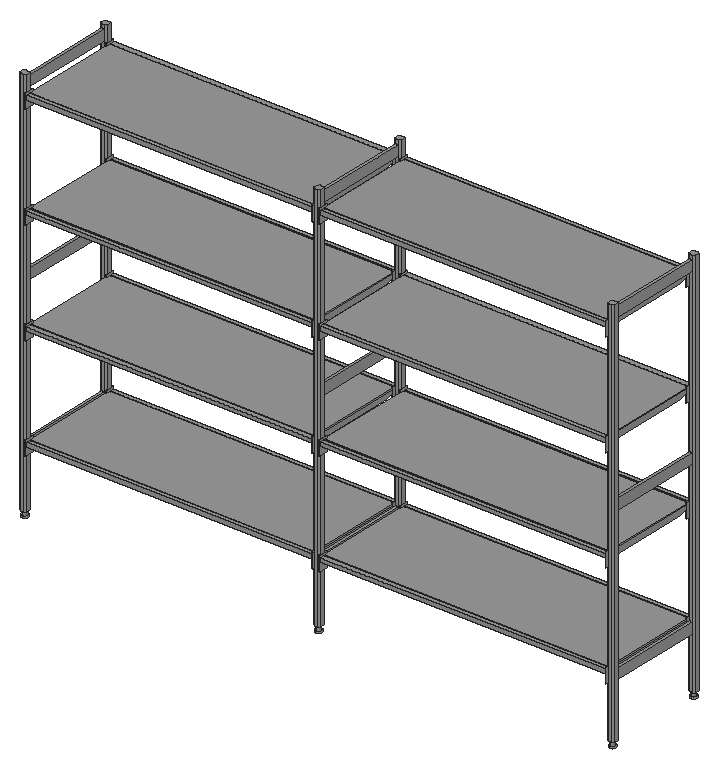
Revit family "QF_ZANUSSI_137047_BLS2580", category Attrezzature speciali, Revit 2020
Family settings
  Quota connettore circolare = Usa diametro
  Tipo di parte = Normale
  Basato su piano di lavoro = No
  Sempre verticale = Sì
  Taglio con vuoti quando caricato = No
  Condiviso = No
  Punto di calcolo locali = No
Parameters (values of type "Standard")
  Weight = 46.00 kg
  Watts = 0 W
  Volts = 0 V
  URL Manufacturer = "http://www.zanussiprofessional.com"
  URL = "http://www.zanussiprofessional.com"
  Steam Supply Size = 0 mm
  Steam Supply Minimum Pressure = 0.0 Pa
  Steam Supply Maximum Pressure = 0.0 Pa
  Steam Consumption per Hour = 0
  Refrigeration Suction Line Size = 0.0 mm
  Refrigeration Liquid Line Size = 0.0 mm
  Refrigerant Compressor Remote = yes
  Prospetto di default = 0.0 mm
  Phase = 0
  Modello = "BLS2580"
  Produttore = "Zanussi"
  Length Actual = 2580.0 mm  # constant formula
  Item Number = "137047"
  Hot Water Size = 0 mm
  Height Actual = 1700.0 mm  # constant formula
  HP = "0 HP"
  Gas Size = 0 mm
  Gas KW = 0
  Gas Input Pressure = 0 W
  Direct Waste Size = 0 mm
  Descrizione = "ALUM.LINEAR SHELV.-POLY.TIERS-475X2580MM"
  Depth Actual = 475.0 mm  # constant formula
  Cycle = 0 Hz
  Condensate Return Size = 0 mm
  Compressed Air Volume = 0.0 L/s
  Compressed Air Size = 0 mm
  Compressed Air Pressure = 0.0 Pa
  Cold Water Size = 0 mm
  Accessory = yes
Reference planes
  plane 1: z = 0
  plane 2 "CenterLeft": x = -31
  plane 3 "LEFT": x = -417
  plane 4 "BACK": y = 23
  plane 5 "FRONT": y = -452
  plane 6 "TOP": z = 1700
  plane 7: x = -385
  plane 8: x = 855
  plane 9 "Center (Front/Back)": y = -214.5
  plane 10: y = -8.5
  plane 11: y = -420.5
  plane 12 "FEET": z = 25
  plane 13: z = 275
  plane 14: z = 725
  plane 15: z = 1175
  plane 16: z = 1625
  plane 17 "CXLeft": x = -403
  plane 18 "Center (Left/Right)": x = 873
  plane 19: y = 5.5
  plane 20 "CYBack": y = 5.5
  plane 21 "CYFront": y = -434.5
  plane 22 "RIGHT": x = 2163
  plane 23: x = 2131
  plane 24 "CXRight": x = 2149
  plane 25: x = 891
Forms (mm)
  Extrusion 1, solid, material "QF_Aluminum"
    sketch origin (-417, 0, -4.006) x (0, 1, 0) y (0, 0, 1)
      loop
        line (-12, 1637.003) -> (4, 1637.003) -> (4, 1655) -> (2.007, 1655) -> (2.007, 1648.501) -> (-431, 1648.501) -> (-431, 1655) -> (-433, 1655) -> (-433, 1637.003) -> (-417, 1637.003) -> (-383, 1625) -> (-46, 1625) -> (-12, 1637.003)
      loop
        line (-12, 1187.003) -> (4, 1187.003) -> (4, 1205) -> (2.007, 1205) -> (2.007, 1198.501) -> (-431, 1198.501) -> (-431, 1205) -> (-433, 1205) -> (-433, 1187.003) -> (-417, 1187.003) -> (-383, 1175) -> (-46, 1175) -> (-12, 1187.003)
      loop
        line (-12, 737.003) -> (4, 737.003) -> (4, 755) -> (2.007, 755) -> (2.007, 748.501) -> (-431, 748.501) -> (-431, 755) -> (-433, 755) -> (-433, 737.003) -> (-417, 737.003) -> (-383, 725) -> (-46, 725) -> (-12, 737.003)
      loop
        line (-12, 287.003) -> (4, 287.003) -> (4, 305) -> (2.007, 305) -> (2.007, 298.501) -> (-431, 298.501) -> (-431, 305) -> (-433, 305) -> (-433, 287.003) -> (-417, 287.003) -> (-383, 275) -> (-46, 275) -> (-12, 287.003)
    from 37 to 32
  Extrusion 2, solid, material "QF_Aluminum"
    sketch origin (-417, 0, 0) x (0, 1, 0) y (0, 0, 1)
      loop
        line (23, 246.005) -> (23, 307.993) -> (-12.993, 307.993) -> (-12.993, 246.005) -> (23, 246.005)
      loop
        line (-452, 246.005) -> (-416.007, 246.005) -> (-416.007, 307.993) -> (-452, 307.993) -> (-452, 246.005)
      loop
        line (23, 696.005) -> (23, 757.993) -> (-12.993, 757.993) -> (-12.993, 696.005) -> (23, 696.005)
      loop
        line (-452, 696.005) -> (-416.007, 696.005) -> (-416.007, 757.993) -> (-452, 757.993) -> (-452, 696.005)
      loop
        line (23, 1146.005) -> (23, 1207.993) -> (-12.993, 1207.993) -> (-12.993, 1146.005) -> (23, 1146.005)
      loop
        line (-452, 1146.005) -> (-416.007, 1146.005) -> (-416.007, 1207.993) -> (-452, 1207.993) -> (-452, 1146.005)
      loop
        line (23, 1596.005) -> (23, 1657.993) -> (-12.993, 1657.993) -> (-12.993, 1596.005) -> (23, 1596.005)
      loop
        line (-452, 1596.005) -> (-416.007, 1596.005) -> (-416.007, 1657.993) -> (-452, 1657.993) -> (-452, 1596.005)
    from 28 to 32
  Extrusion 3, solid, material "QF_Aluminum"
    sketch origin (-417, 0, 0) x (0, 1, 0) y (0, 0, 1)
      loop
        line (4, 1650.994) -> (4, 1632.998) -> (23, 1632.998) -> (23, 1650.994) -> (4, 1650.994)
      loop
        line (-433, 1650.994) -> (-452, 1650.994) -> (-452, 1632.998) -> (-433, 1632.998) -> (-433, 1650.994)
      loop
        line (4, 1200.994) -> (4, 1182.998) -> (23, 1182.998) -> (23, 1200.994) -> (4, 1200.994)
      loop
        line (-433, 1200.994) -> (-452, 1200.994) -> (-452, 1182.998) -> (-433, 1182.998) -> (-433, 1200.994)
      loop
        line (4, 750.994) -> (4, 732.998) -> (23, 732.998) -> (23, 750.994) -> (4, 750.994)
      loop
        line (-433, 750.994) -> (-452, 750.994) -> (-452, 732.998) -> (-433, 732.998) -> (-433, 750.994)
      loop
        line (4, 300.994) -> (4, 282.998) -> (23, 282.998) -> (23, 300.994) -> (4, 300.994)
      loop
        line (-433, 300.994) -> (-452, 300.994) -> (-452, 282.998) -> (-433, 282.998) -> (-433, 300.994)
    from 32 to 1272
  Extrusion 4, solid, material "QF_Polyethylene"
    sketch origin (-417, 0, 0) x (0, 1, 0) y (0, 0, 1)
      loop
        line (2.007, 1650.994) -> (-431, 1650.994) -> (-431, 1644.496) -> (2.007, 1644.496) -> (2.007, 1650.994)
      loop
        line (2.007, 1200.994) -> (-431, 1200.994) -> (-431, 1194.496) -> (2.007, 1194.496) -> (2.007, 1200.994)
      loop
        line (2.007, 750.994) -> (-431, 750.994) -> (-431, 744.496) -> (2.007, 744.496) -> (2.007, 750.994)
      loop
        line (2.007, 300.994) -> (-431, 300.994) -> (-431, 294.496) -> (2.007, 294.496) -> (2.007, 300.994)
    from 32 to 1272
  Extrusion 5, solid, material "QF_Aluminum"
    sketch origin (2163, 0, 0) x (0, 1, 0) y (0, 0, 1)
      loop
        line (4, 1650.994) -> (4, 1632.998) -> (23, 1632.998) -> (23, 1650.994) -> (4, 1650.994)
      loop
        line (-433, 1650.994) -> (-452, 1650.994) -> (-452, 1632.998) -> (-433, 1632.998) -> (-433, 1650.994)
      loop
        line (4, 1200.994) -> (4, 1182.998) -> (23, 1182.998) -> (23, 1200.994) -> (4, 1200.994)
      loop
        line (-433, 1200.994) -> (-452, 1200.994) -> (-452, 1182.998) -> (-433, 1182.998) -> (-433, 1200.994)
      loop
        line (4, 750.994) -> (4, 732.998) -> (23, 732.998) -> (23, 750.994) -> (4, 750.994)
      loop
        line (-433, 750.994) -> (-452, 750.994) -> (-452, 732.998) -> (-433, 732.998) -> (-433, 750.994)
      loop
        line (4, 300.994) -> (4, 282.998) -> (23, 282.998) -> (23, 300.994) -> (4, 300.994)
      loop
        line (-433, 300.994) -> (-452, 300.994) -> (-452, 282.998) -> (-433, 282.998) -> (-433, 300.994)
    from -32 to -1272
  Extrusion 6, solid, material "QF_Polyethylene"
    sketch origin (2163, 0, 0) x (0, 1, 0) y (0, 0, 1)
      loop
        line (2.007, 1650.994) -> (-431, 1650.994) -> (-431, 1644.496) -> (2.007, 1644.496) -> (2.007, 1650.994)
      loop
        line (2.007, 1200.994) -> (-431, 1200.994) -> (-431, 1194.496) -> (2.007, 1194.496) -> (2.007, 1200.994)
      loop
        line (2.007, 750.994) -> (-431, 750.994) -> (-431, 744.496) -> (2.007, 744.496) -> (2.007, 750.994)
      loop
        line (2.007, 300.994) -> (-431, 300.994) -> (-431, 294.496) -> (2.007, 294.496) -> (2.007, 300.994)
    from -32 to -1272
Lines and regions (mm)
  symbolic lines
    curve 1: line (855, 4, 1700) -> (-385, 4, 1700)
    curve 2: line (-408, -8.5, 1700) -> (-408, -420.5, 1700)
    curve 3: line (-398, -420.5, 1700) -> (-398, -8.5, 1700)
    curve 4: line (-389, 23, 1700) -> (859, 23, 1700)
    curve 5: line (-385, -452, 1700) -> (855, -452, 1700)
    curve 6: line (887, 23, 1700) -> (2135, 23, 1700)
    curve 7: line (887, -452, 1700) -> (2135, -452, 1700)
    curve 8: line (-385, -433, 1700) -> (855, -433, 1700)
    curve 9: line (891, -433, 1700) -> (2131, -433, 1700)
    curve 10: line (891, 4, 1700) -> (2131, 4, 1700)
    curve 11: line (2131, -12.993, 1700) -> (2131, -416.007, 1700)
    curve 12: line (855, -12.993, 1700) -> (855, -416.007, 1700)
    curve 13: line (891, -416.007, 1700) -> (891, -12.993, 1700)
    curve 14: line (-385, -12.993, 1700) -> (-385, -416.007, 1700)
Dimensions and locks
  plane 3 "LEFT" to plane 2 "CenterLeft" = 386.0 mm
  locked: plane 6 "TOP" to level at 1700
  locked: plane 4 "BACK" to plane 5 "FRONT" at 475
  locked: plane 7 to plane 8 at 1240
  locked: plane 10 to plane 11 at 412
  equal spacing: plane 10, plane 9 "Center (Front/Back)", plane 11
  equal spacing: plane 4 "BACK", plane 9 "Center (Front/Back)", plane 5 "FRONT"
  plane 12 "FEET" to level = 25.0 mm
  plane 6 "TOP" to plane 12 "FEET" = 1675.0 mm
  plane 13 to plane 12 "FEET" = 250.0 mm
  plane 14 to plane 13 = 450.0 mm
  plane 15 to plane 14 = 450.0 mm
  plane 16 to plane 15 = 450.0 mm
  locked: plane 4 "BACK" to plane 20 "CYBack" at 17.5
  locked: plane 21 "CYFront" to plane 5 "FRONT" at 17.5
  locked: plane 4 "BACK" to Extrusion 1 at 19
  locked: Extrusion 1 to plane 5 "FRONT" at 19
  Extrusion 1 sketch curve to plane 21 "CYFront" = 3.5 mm
  plane 3 "LEFT" to plane 22 "RIGHT" = 2580.0 mm
  locked: plane 25 to plane 23 at 1240
  locked: plane 8 to plane 18 "Center (Left/Right)" at 18
  locked: plane 18 "Center (Left/Right)" to plane 25 at 18
  locked: plane 3 "LEFT" to plane 7 at 32
  locked: plane 24 "CXRight" to plane 22 "RIGHT" at 14
  aligned and locked: level to plane 1
  aligned and locked: plane 7 to Extrusion 1
  aligned and locked: Extrusion 2 to plane 7
  aligned and locked: plane 7 to Extrusion 4
  aligned and locked: Extrusion 4 to plane 8
  aligned and locked: plane 7 to Extrusion 3
  aligned and locked: Extrusion 3 to plane 8
  aligned and locked: Extrusion 3 sketch curve to Extrusion 1
  aligned and locked: Extrusion 1 to Extrusion 3 sketch curve
  aligned and locked: Extrusion 3 sketch curve to Extrusion 3 sketch curve  (x2)
  aligned and locked: Extrusion 1 sketch curve to Extrusion 1 sketch curve  (x3)
  aligned and locked: Extrusion 4 sketch curve to Extrusion 1  (x4)
  aligned and locked: Extrusion 5 sketch curve to Extrusion 5 sketch curve  (x2)
  aligned and locked: Extrusion 5 to plane 25
  aligned and locked: Extrusion 6 to plane 25
  aligned and locked: nested 3 to plane 18 "Center (Left/Right)"
  aligned and locked: nested 1 to plane 17 "CXLeft"
  aligned and locked: Extrusion 3 to plane 7  (x3)
  aligned and locked: plane 8 to Extrusion 3  (x4)
  aligned and locked: plane 25 to Extrusion 5  (x4)
  aligned and locked: plane 25 to Extrusion 6  (x4)
  aligned and locked: plane 8 to Extrusion 4  (x4)
  aligned and locked: nested 2 to plane 24 "CXRight"
  aligned and locked: Extrusion 5 to plane 23
  aligned and locked: Extrusion 6 to plane 23
  aligned and locked: plane 23 to Extrusion 5  (x3)
  aligned and locked: plane 23 to Extrusion 6  (x3)
Automatic sketch dimensions
  plane 21 "CYFront" to Extrusion 1 sketch curve = 1.5 mm  (x4)
  plane 11 to Extrusion 1 sketch curve = 3.5 mm  (x4)
  Extrusion 1 sketch curve to plane 13 = 4.006 mm
  Extrusion 1 sketch curve to Extrusion 1 sketch curve = 34.0 mm  (x4)
  Extrusion 1 sketch curve to plane 14 = 4.006 mm
  Extrusion 1 sketch curve to plane 15 = 4.006 mm
  Extrusion 1 sketch curve to plane 16 = 4.006 mm
  Extrusion 1 sketch curve to plane 10 = 37.5 mm  (x4)
  Extrusion 1 sketch curve to plane 10 = 3.5 mm  (x4)
  plane 19 to Extrusion 1 sketch curve = 3.493 mm  (x4)
  plane 19 to Extrusion 1 sketch curve = 1.5 mm  (x4)
  plane 13 to Extrusion 1 sketch curve = 7.998 mm  (x2)
  Extrusion 1 sketch curve to Extrusion 1 sketch curve = 11.498 mm  (x4)
  Extrusion 1 sketch curve to Extrusion 1 sketch curve = 6.499 mm  (x8)
  plane 14 to Extrusion 1 sketch curve = 7.998 mm  (x2)
  plane 15 to Extrusion 1 sketch curve = 7.998 mm  (x2)
  plane 16 to Extrusion 1 sketch curve = 7.998 mm  (x2)
  Extrusion 2 sketch curve to plane 5 "FRONT" = 0.0 mm  (x4)
  Extrusion 2 sketch curve to plane 4 "BACK" = 0.0 mm  (x4)
  plane 11 to Extrusion 2 sketch curve = 4.493 mm  (x4)
  Extrusion 2 sketch curve to plane 10 = 4.493 mm  (x4)
  Extrusion 2 sketch curve to plane 13 = 28.995 mm  (x2)
  plane 13 to Extrusion 2 sketch curve = 32.993 mm  (x2)
  Extrusion 2 sketch curve to plane 14 = 28.995 mm  (x2)
  plane 14 to Extrusion 2 sketch curve = 32.993 mm  (x2)
  Extrusion 2 sketch curve to plane 15 = 28.995 mm  (x2)
  plane 15 to Extrusion 2 sketch curve = 32.993 mm  (x2)
  Extrusion 2 sketch curve to plane 16 = 28.995 mm  (x2)
  plane 16 to Extrusion 2 sketch curve = 32.993 mm  (x2)
  Extrusion 3 sketch curve to plane 5 "FRONT" = 0.0 mm  (x4)
  Extrusion 3 sketch curve to plane 4 "BACK" = 0.0 mm  (x4)
  plane 19 to Extrusion 3 sketch curve = 1.5 mm  (x4)
  plane 13 to Extrusion 3 sketch curve = 7.998 mm  (x2)
  Extrusion 3 sketch curve to Extrusion 3 sketch curve = 17.997 mm  (x8)
  plane 14 to Extrusion 3 sketch curve = 7.998 mm  (x2)
  plane 15 to Extrusion 3 sketch curve = 7.998 mm  (x2)
  plane 16 to Extrusion 3 sketch curve = 7.998 mm  (x2)
  plane 19 to Extrusion 4 sketch curve = 3.493 mm  (x4)
  plane 13 to Extrusion 4 sketch curve = 19.496 mm
  Extrusion 4 sketch curve to Extrusion 4 sketch curve = 6.499 mm  (x4)
  plane 14 to Extrusion 4 sketch curve = 19.496 mm
  plane 15 to Extrusion 4 sketch curve = 19.496 mm
  plane 16 to Extrusion 4 sketch curve = 19.496 mm
  Extrusion 5 sketch curve to plane 5 "FRONT" = 0.0 mm  (x4)
  Extrusion 5 sketch curve to plane 4 "BACK" = 0.0 mm  (x4)
  plane 21 "CYFront" to Extrusion 5 sketch curve = 1.5 mm  (x2)
  plane 19 to Extrusion 5 sketch curve = 1.5 mm  (x4)
  plane 13 to Extrusion 5 sketch curve = 7.998 mm  (x2)
  Extrusion 5 sketch curve to Extrusion 5 sketch curve = 17.997 mm  (x8)
  plane 14 to Extrusion 5 sketch curve = 7.998 mm  (x2)
  plane 15 to Extrusion 5 sketch curve = 7.998 mm  (x2)
  plane 16 to Extrusion 5 sketch curve = 7.998 mm  (x2)
  plane 21 "CYFront" to Extrusion 6 sketch curve = 3.5 mm  (x4)
  plane 19 to Extrusion 6 sketch curve = 3.493 mm  (x4)
  plane 13 to Extrusion 6 sketch curve = 19.496 mm
  Extrusion 6 sketch curve to Extrusion 6 sketch curve = 6.499 mm  (x4)
  plane 14 to Extrusion 6 sketch curve = 19.496 mm
  plane 15 to Extrusion 6 sketch curve = 19.496 mm
  plane 16 to Extrusion 6 sketch curve = 19.496 mm
  curve 7 to plane 5 "FRONT" = 0.0 mm
  curve 5 to plane 5 "FRONT" = 0.0 mm
  curve 8 to plane 8 = 0.0 mm
  curve 9 to plane 25 = 0.0 mm
  curve 9 to plane 23 = 0.0 mm
  curve 8 to plane 7 = 0.0 mm
  curve 2 to plane 11 = 0.0 mm
  curve 3 to plane 11 = 0.0 mm
  curve 14 to plane 7 = 0.0 mm
  curve 13 to plane 25 = 0.0 mm
  curve 12 to plane 8 = 0.0 mm
  curve 11 to plane 23 = 0.0 mm
  curve 3 to plane 10 = 0.0 mm
  curve 2 to plane 10 = 0.0 mm
  curve 1 to plane 8 = 0.0 mm
  curve 1 to plane 7 = 0.0 mm
  curve 10 to plane 23 = 0.0 mm
  curve 10 to plane 25 = 0.0 mm
  curve 4 to plane 4 "BACK" = 0.0 mm
  curve 6 to plane 4 "BACK" = 0.0 mm
  curve 5 to plane 8 = 0.0 mm
  curve 5 to plane 7 = 0.0 mm
  plane 21 "CYFront" to curve 8 = 1.5 mm
  plane 21 "CYFront" to curve 9 = 1.5 mm
  plane 11 to curve 14 = 4.493 mm
  plane 11 to curve 13 = 4.493 mm
  plane 11 to curve 12 = 4.493 mm
  plane 11 to curve 11 = 4.493 mm
  curve 14 to plane 10 = 4.493 mm
  curve 13 to plane 10 = 4.493 mm
  curve 12 to plane 10 = 4.493 mm
  curve 11 to plane 10 = 4.493 mm
  plane 19 to curve 1 = 1.5 mm
  plane 19 to curve 10 = 1.5 mm
  curve 6 to plane 23 = 4.0 mm
  curve 7 to plane 23 = 4.0 mm
  curve 6 to plane 25 = 4.0 mm
  curve 7 to plane 25 = 4.0 mm
  curve 4 to plane 8 = 4.0 mm
  plane 7 to curve 4 = 4.0 mm
  plane 17 "CXLeft" to curve 3 = 5.0 mm
  curve 2 to plane 17 "CXLeft" = 5.0 mm
Nested families
  nested 1: "WT_Anta475" at (0, 0, 0), type "WT_Anta475"
  nested 2: "WT_Anta475" at (1746, 0, 0) x (-1, 0, 0) z (0, 0, 1), type "WT_Anta475"
  nested 3: "WT_Anta475Center" at (1276, 0, 0), type "WT_Anta475Center"
Definition of nested family "WT_Anta475"
  Parameters
    WidthLeft = A + 64.0 mm  # 772.0 mm
    Width = 1606.0 mm
    Right = WidthLeft / 2  # 386.0 mm
    Default Elevation = 0.0 mm
    Left = -WidthLeft / 2  # -386.0 mm
    Height = 1725.0 mm
    FEET = 25.0 mm
    E = 0.0 mm
    Dint = Depth - 63.0 mm  # 412.0 mm
    Dext = Depth - 8.0 mm  # 467.0 mm
    Depth = 475.0 mm
    DX = (WidthLeft - A) / 2  # 32.0 mm
    B = 798.0 mm
    A = 708.0 mm
  Reference planes
    plane 1: z = 0
    plane 2 "LEFT": x = -417
    plane 3 "BACK": y = 23
    plane 4 "FRONT": y = -452
    plane 5 "TOP": z = 1725
    plane 6 "Center (Front/Back)": y = -214.5
    plane 7: y = -8.5
    plane 8: y = -420.5
    plane 9 "FEET": z = 25
    plane 10: z = 275
    plane 11: z = 725
    plane 12: z = 1175
    plane 13: z = 1625
    plane 14 "CXLeft": x = -403
    plane 15: y = 5.5
    plane 16 "CYBack": y = 5.5
    plane 17 "CYFront": y = -434.5
    plane 18: x = -385.031
    plane 19: x = -380.031
  Forms (mm)
    Extrusion 1, solid
      sketch origin (0, 0, 0) x (1, 0, 0) y (0, 1, 0)
        loop
          line (-417, 13.246) -> (-417, -2.246) -> (-410.746, -8.5) -> (-395.254, -8.5) -> (-389, -2.246) -> (-389, 13.246) -> (-395.254, 19.5) -> (-410.746, 19.5) -> (-417, 13.246)
      from 1725 to 25
    Extrusion 2, solid
      sketch origin (-417, 0, 0) x (0, 1, 0) y (0, 0, 1)
        loop
          line (23, 246.005) -> (23, 307.993) -> (-12.993, 307.993) -> (-12.993, 246.005) -> (23, 246.005)
        loop
          line (-452, 246.005) -> (-416.007, 246.005) -> (-416.007, 307.993) -> (-452, 307.993) -> (-452, 246.005)
        loop
          line (23, 696.005) -> (23, 757.993) -> (-12.993, 757.993) -> (-12.993, 696.005) -> (23, 696.005)
        loop
          line (-452, 696.005) -> (-416.007, 696.005) -> (-416.007, 757.993) -> (-452, 757.993) -> (-452, 696.005)
        loop
          line (23, 1146.005) -> (23, 1207.993) -> (-12.993, 1207.993) -> (-12.993, 1146.005) -> (23, 1146.005)
        loop
          line (-452, 1146.005) -> (-416.007, 1146.005) -> (-416.007, 1207.993) -> (-452, 1207.993) -> (-452, 1146.005)
        loop
          line (23, 1596.005) -> (23, 1657.993) -> (-12.993, 1657.993) -> (-12.993, 1596.005) -> (23, 1596.005)
        loop
          line (-452, 1596.005) -> (-416.007, 1596.005) -> (-416.007, 1657.993) -> (-452, 1657.993) -> (-452, 1596.005)
      from 28 to 32
    Revolve 3, solid
      sketch origin (-403, 0, 0) x (0, 1, 0) y (0, 0, 1)
        loop
          line (5.5, 25) -> (5.5, 0) -> (19, 0) -> (19, 5) -> (14, 5) -> (14, 25) -> (5.5, 25)
        axis (5.5, 25) -> (5.5, 0)
      angle from 0 to 360
    Extrusion 4, solid
      sketch origin (-403, 0, 0) x (0, 1, 0) y (0, 0, 1)
        loop
          line (-8.5, 912.382) -> (-8.5, 957.374) -> (-420.5, 957.374) -> (-420.5, 912.382) -> (-8.5, 912.382)
        loop
          line (-8.5, 1662.244) -> (-8.5, 1707.236) -> (-420.5, 1707.236) -> (-420.5, 1662.244) -> (-8.5, 1662.244)
      from -5 to 5
    Revolve 5, solid
      sketch origin (-403, -627, 0) x (0, -1, 0) y (0, 0, 1)
        loop
          line (-192.5, 25) -> (-192.5, 0) -> (-179, 0) -> (-179, 5) -> (-184, 5) -> (-184, 25) -> (-192.5, 25)
        axis (-192.5, 25) -> (-192.5, 0)
      angle from 0 to 360
    Extrusion 6, solid
      sketch origin (0, -627, 0) x (1, 0, 0) y (0, 1, 0)
        loop
          line (-417, 184.754) -> (-410.746, 178.5) -> (-395.254, 178.5) -> (-389, 184.754) -> (-389, 200.246) -> (-395.254, 206.5) -> (-410.746, 206.5) -> (-417, 200.246) -> (-417, 184.754)
      from 1725 to 25
    Extrusion 7, solid
      sketch origin (-417.031, -0.022, 0) x (0, 1, 0) y (0, 0, -1)
        loop
          line (-12, -1632.998) -> (-46, -1620.994) -> (-383, -1620.994) -> (-417, -1632.998) -> (-433, -1632.998) -> (-433, -1650.994) -> (-431, -1650.994) -> (-431, -1644.496) -> (2.007, -1644.496) -> (2.007, -1650.994) -> (4, -1650.994) -> (4, -1632.998) -> (-12, -1632.998)
        loop
          line (-12, -1182.998) -> (-46, -1170.994) -> (-383, -1170.994) -> (-417, -1182.998) -> (-433, -1182.998) -> (-433, -1200.994) -> (-431, -1200.994) -> (-431, -1194.496) -> (2.007, -1194.496) -> (2.007, -1200.994) -> (4, -1200.994) -> (4, -1182.998) -> (-12, -1182.998)
        loop
          line (-12, -732.998) -> (-46, -720.994) -> (-383, -720.994) -> (-417, -732.998) -> (-433, -732.998) -> (-433, -750.994) -> (-431, -750.994) -> (-431, -744.496) -> (2.007, -744.496) -> (2.007, -750.994) -> (4, -750.994) -> (4, -732.998) -> (-12, -732.998)
        loop
          line (-12, -282.998) -> (-46, -270.994) -> (-383, -270.994) -> (-417, -282.998) -> (-433, -282.998) -> (-433, -300.994) -> (-431, -300.994) -> (-431, -294.496) -> (2.007, -294.496) -> (2.007, -300.994) -> (4, -300.994) -> (4, -282.998) -> (-12, -282.998)
      from -32 to -37
    Extrusion 8, solid
      sketch origin (-403, 0, -659.878) x (0, 1, 0) y (0, 0, 1)
        loop
          line (-8.5, 912.382) -> (-8.5, 957.374) -> (-420.5, 957.374) -> (-420.5, 912.382) -> (-8.5, 912.382)
        loop
          line (-8.5, 1572.382) -> (-8.5, 1617.374) -> (-420.5, 1617.374) -> (-420.5, 1572.382) -> (-8.5, 1572.382)
        loop
          line (-8.5, 2322.382) -> (-8.5, 2367.374) -> (-420.5, 2367.374) -> (-420.5, 2322.382) -> (-8.5, 2322.382)
      from -5 to 5
  Lines and regions (mm)
    symbolic lines
      curve 1: line (-408, -8.5, 1725) -> (-408, -420.5, 1725)
      curve 2: line (-398, -420.5, 1725) -> (-398, -8.5, 1725)
      curve 3: line (-395.254, -8.5, 1725) -> (-410.746, -8.5, 1725)
      curve 4: line (-417, -2.246, 1725) -> (-410.746, -8.5, 1725)
      curve 5: line (-417, 13.246, 1725) -> (-417, -2.246, 1725)
      curve 6: line (-410.746, 19.5, 1725) -> (-417, 13.246, 1725)
      curve 7: line (-395.254, 19.5, 1725) -> (-410.746, 19.5, 1725)
      curve 8: line (-389, 13.246, 1725) -> (-395.254, 19.5, 1725)
      curve 9: line (-395.254, -8.5, 1725) -> (-389, -2.246, 1725)
      curve 10: line (-395.254, -420.5, 1725) -> (-410.746, -420.5, 1725)
      curve 11: line (-417, -426.754, 1725) -> (-410.746, -420.5, 1725)
      curve 12: line (-410.746, -448.5, 1725) -> (-417, -442.246, 1725)
      curve 13: line (-395.254, -448.5, 1725) -> (-410.746, -448.5, 1725)
      curve 14: line (-389, -442.246, 1725) -> (-395.254, -448.5, 1725)
      curve 15: line (-395.254, -420.5, 1725) -> (-389, -426.754, 1725)
      curve 16: line (-389, -452, 1725) -> (-389, -416.007, 1725)
      curve 17: line (-389, -416.007, 1725) -> (-385, -416.007, 1725)
      curve 18: line (-389, 23, 1725) -> (-389, -12.993, 1725)
      curve 19: line (-389, -12.993, 1725) -> (-385, -12.993, 1725)
      curve 20: line (-417, -426.754, 1725) -> (-417, -442.246, 1725)
      curve 21: line (-385, -452, 1725) -> (-385, -416.007, 1725)
      curve 22: line (-385, -452, 1725) -> (-389, -452, 1725)
      curve 23: line (-385, 23, 1725) -> (-389, 23, 1725)
      curve 24: line (-385, -12.993, 1725) -> (-385, 23, 1725)
      curve 25: line (-385.031, -13.016, 1725) -> (-385.031, -416.029, 1725)
  Dimensions and locks
    "Height": plane 5 "TOP" to level
    "Depth": plane 3 "BACK" to plane 4 "FRONT"
    "Dint": plane 7 to plane 8
    equal spacing: plane 7, plane 6 "Center (Front/Back)", plane 8
    equal spacing: plane 3 "BACK", plane 6 "Center (Front/Back)", plane 4 "FRONT"
    plane 9 "FEET" to level = 25.0 mm
    plane 5 "TOP" to plane 9 "FEET" = 1700.0 mm
    plane 10 to plane 9 "FEET" = 250.0 mm
    plane 11 to plane 10 = 450.0 mm
    plane 12 to plane 11 = 450.0 mm
    plane 13 to plane 12 = 450.0 mm
    locked: plane 2 "LEFT" to plane 14 "CXLeft" at 14
    locked: plane 3 "BACK" to plane 16 "CYBack" at 17.5
    locked: plane 17 "CYFront" to plane 4 "FRONT" at 17.5
    locked: Revolve 3 sketch curve to Revolve 3 sketch curve at 8.5
    locked: Revolve 3 sketch curve to plane 16 "CYBack" at 13.5
    locked: Revolve 5 sketch curve to Revolve 5 sketch curve at 8.5
    aligned and locked: level to plane 1
    aligned and locked: curve 20 to Extrusion 6
    aligned and locked: plane 5 "TOP" to Extrusion 1
    aligned and locked: plane 5 "TOP" to Extrusion 6
    aligned and locked: Extrusion 7 sketch curve to Extrusion 7 sketch curve  (x3)
  Automatic sketch dimensions
    curve 16 to plane 4 "FRONT" = 0.0 mm
    curve 11 to plane 8 = 0.0 mm
    curve 9 to plane 7 = 0.0 mm
    curve 5 to plane 2 "LEFT" = 0.0 mm
    curve 23 to plane 3 "BACK" = 0.0 mm
    plane 4 "FRONT" to curve 13 = 3.5 mm
    curve 20 to plane 17 "CYFront" = 7.746 mm
    curve 20 to plane 8 = 6.254 mm
    plane 8 to curve 16 = 4.493 mm
    curve 24 to plane 18 = 0.031 mm
    curve 24 to plane 7 = 4.493 mm
    plane 7 to curve 5 = 6.254 mm
    curve 5 to plane 15 = 7.746 mm
    curve 6 to plane 3 "BACK" = 3.5 mm
    curve 21 to plane 18 = 0.031 mm
    plane 18 to curve 23 = 3.969 mm
    plane 18 to curve 16 = 3.969 mm
    curve 18 to curve 8 = 6.254 mm
    curve 18 to curve 3 = 6.254 mm
    curve 16 to curve 13 = 6.254 mm
    curve 16 to curve 15 = 6.254 mm
    plane 2 "LEFT" to curve 10 = 6.254 mm
    plane 2 "LEFT" to curve 7 = 6.254 mm
    plane 2 "LEFT" to curve 12 = 6.254 mm
    plane 2 "LEFT" to curve 3 = 6.254 mm
    curve 14 to plane 17 "CYFront" = 7.746 mm
    curve 15 to plane 8 = 6.254 mm
    plane 7 to curve 9 = 6.254 mm
    curve 8 to plane 15 = 7.746 mm
    curve 3 to curve 2 = 2.746 mm
    curve 1 to curve 10 = 2.746 mm
    Extrusion 1 sketch curve to plane 2 "LEFT" = 0.0 mm
    Extrusion 1 sketch curve to plane 7 = 0.0 mm
    plane 2 "LEFT" to Extrusion 1 sketch curve = 6.254 mm  (x2)
    plane 14 "CXLeft" to Extrusion 1 sketch curve = 7.746 mm  (x2)
    Extrusion 1 sketch curve to plane 3 "BACK" = 3.5 mm
    plane 18 to Extrusion 1 sketch curve = 3.969 mm
    plane 7 to Extrusion 1 sketch curve = 6.254 mm  (x2)
    Extrusion 1 sketch curve to plane 15 = 7.746 mm  (x2)
    Extrusion 2 sketch curve to plane 4 "FRONT" = 0.0 mm  (x4)
    Extrusion 2 sketch curve to plane 3 "BACK" = 0.0 mm  (x4)
    plane 8 to Extrusion 2 sketch curve = 4.493 mm  (x4)
    Extrusion 2 sketch curve to plane 7 = 4.493 mm  (x4)
    Extrusion 2 sketch curve to plane 10 = 28.995 mm  (x2)
    plane 10 to Extrusion 2 sketch curve = 32.993 mm  (x2)
    Extrusion 2 sketch curve to plane 11 = 28.995 mm  (x2)
    plane 11 to Extrusion 2 sketch curve = 32.993 mm  (x2)
    Extrusion 2 sketch curve to plane 12 = 28.995 mm  (x2)
    plane 12 to Extrusion 2 sketch curve = 32.993 mm  (x2)
    Extrusion 2 sketch curve to plane 13 = 28.995 mm  (x2)
    plane 13 to Extrusion 2 sketch curve = 32.993 mm  (x2)
    Revolve 3 sketch curve to plane 9 "FEET" = 0.0 mm  (x2)
    Revolve 3 sketch curve to plane 15 = 0.0 mm  (x2)
    Revolve 3 sketch curve to level = 0.0 mm
    level to Revolve 3 sketch curve = 5.0 mm
    Revolve 3 sketch curve to Revolve 3 sketch curve = 11.655 mm
    Extrusion 4 sketch curve to plane 8 = 0.0 mm  (x2)
    Extrusion 4 sketch curve to plane 7 = 0.0 mm  (x2)
    plane 11 to Extrusion 4 sketch curve = 187.382 mm
    Extrusion 4 sketch curve to Extrusion 4 sketch curve = 44.992 mm
    plane 13 to Extrusion 4 sketch curve = 37.244 mm
    Extrusion 4 sketch curve to plane 5 "TOP" = 17.764 mm
    Revolve 5 sketch curve to plane 9 "FEET" = 0.0 mm  (x2)
    Revolve 5 sketch curve to plane 17 "CYFront" = 0.0 mm  (x2)
    Revolve 5 sketch curve to level = 0.0 mm
    Revolve 5 sketch curve to plane 4 "FRONT" = 4.0 mm
    Revolve 5 sketch curve to Revolve 5 sketch curve = 5.0 mm
    level to Revolve 5 sketch curve = 11.655 mm
    Extrusion 6 sketch curve to plane 2 "LEFT" = 0.0 mm
    Extrusion 6 sketch curve to plane 8 = 0.0 mm
    Extrusion 6 sketch curve to plane 2 "LEFT" = 6.254 mm  (x2)
    Extrusion 6 sketch curve to plane 14 "CXLeft" = 7.746 mm  (x2)
    Extrusion 6 sketch curve to plane 4 "FRONT" = 3.5 mm
    Extrusion 6 sketch curve to plane 18 = 3.969 mm
    plane 8 to Extrusion 6 sketch curve = 6.254 mm  (x2)
    plane 17 "CYFront" to Extrusion 6 sketch curve = 7.746 mm  (x2)
    plane 17 "CYFront" to Extrusion 7 sketch curve = 1.478 mm  (x4)
    Extrusion 7 sketch curve to Extrusion 7 sketch curve = 2.0 mm
    plane 8 to Extrusion 7 sketch curve = 3.478 mm  (x4)
    Extrusion 7 sketch curve to plane 10 = 4.006 mm
    Extrusion 7 sketch curve to Extrusion 7 sketch curve = 34.0 mm  (x4)
    Extrusion 7 sketch curve to plane 11 = 4.006 mm
    Extrusion 7 sketch curve to plane 12 = 4.006 mm
    Extrusion 7 sketch curve to plane 13 = 4.006 mm
    Extrusion 7 sketch curve to plane 7 = 37.522 mm  (x4)
    Extrusion 7 sketch curve to plane 7 = 3.522 mm  (x4)
    plane 15 to Extrusion 7 sketch curve = 3.516 mm  (x4)
    plane 15 to Extrusion 7 sketch curve = 1.522 mm  (x4)
    plane 13 to Extrusion 7 sketch curve = 7.998 mm  (x2)
    Extrusion 7 sketch curve to Extrusion 7 sketch curve = 11.498 mm
    Extrusion 7 sketch curve to Extrusion 7 sketch curve = 6.499 mm  (x5)
    plane 12 to Extrusion 7 sketch curve = 25.994 mm  (x2)
    plane 12 to Extrusion 7 sketch curve = 7.998 mm  (x2)
    plane 11 to Extrusion 7 sketch curve = 25.994 mm  (x2)
    plane 11 to Extrusion 7 sketch curve = 7.998 mm  (x2)
    plane 10 to Extrusion 7 sketch curve = 25.994 mm  (x2)
    plane 10 to Extrusion 7 sketch curve = 7.998 mm  (x2)
    curve 25 to plane 18 = 0.0 mm
    plane 8 to curve 25 = 4.471 mm
    curve 25 to plane 7 = 4.516 mm
    Extrusion 8 sketch curve to plane 8 = 0.0 mm  (x3)
    Extrusion 8 sketch curve to plane 7 = 0.0 mm  (x3)
    Extrusion 8 sketch curve to plane 10 = 22.496 mm
    plane 10 to Extrusion 8 sketch curve = 22.496 mm
    plane 11 to Extrusion 8 sketch curve = 187.504 mm
    Extrusion 8 sketch curve to Extrusion 8 sketch curve = 44.992 mm
    plane 13 to Extrusion 8 sketch curve = 37.504 mm
    Extrusion 8 sketch curve to plane 5 "TOP" = 17.504 mm
Definition of nested family "WT_Anta475Center"
  Parameters
    WidthLeft = A + 64.0 mm  # 772.0 mm
    Width = 1606.0 mm
    Right = WidthLeft / 2  # 386.0 mm
    Default Elevation = 0.0 mm
    Left = -WidthLeft / 2  # -386.0 mm
    Height = 1725.0 mm
    FEET = 25.0 mm
    E = 0.0 mm
    Dint = Depth - 63.0 mm  # 412.0 mm
    Dext = Depth - 8.0 mm  # 467.0 mm
    Depth = 475.0 mm
    DX = (WidthLeft - A) / 2  # 32.0 mm
    B = 798.0 mm
    A = 708.0 mm
  Reference planes
    plane 1: z = 0
    plane 2 "L": x = -417
    plane 3 "BACK": y = 23
    plane 4 "FRONT": y = -452
    plane 5 "TOP": z = 1725
    plane 6 "Center (Front/Back)": y = -214.5
    plane 7: y = -8.5
    plane 8: y = -420.5
    plane 9 "FEET": z = 25
    plane 10: z = 275
    plane 11: z = 725
    plane 12: z = 1175
    plane 13: z = 1625
    plane 14 "CXLeft": x = -403
    plane 15: y = 5.5
    plane 16 "CYBack": y = 5.5
    plane 17 "CYFront": y = -434.5
    plane 18: x = -385.031
    plane 19 "RIGHT": x = -380.031
    plane 20: x = -420.969
    plane 21 "LEFT": x = -425.969
  Forms (mm)
    Extrusion 1, solid
      sketch origin (0, 0, 0) x (1, 0, 0) y (0, 1, 0)
        loop
          line (-417, 13.246) -> (-417, -2.246) -> (-410.746, -8.5) -> (-395.254, -8.5) -> (-389, -2.246) -> (-389, 13.246) -> (-395.254, 19.5) -> (-410.746, 19.5) -> (-417, 13.246)
      from 1725 to 25
    Extrusion 2, solid
      sketch origin (-417, 0, 0) x (0, 1, 0) y (0, 0, 1)
        loop
          line (23, 246.005) -> (23, 307.993) -> (-12.993, 307.993) -> (-12.993, 246.005) -> (23, 246.005)
        loop
          line (-452, 246.005) -> (-416.007, 246.005) -> (-416.007, 307.993) -> (-452, 307.993) -> (-452, 246.005)
        loop
          line (23, 696.005) -> (23, 757.993) -> (-12.993, 757.993) -> (-12.993, 696.005) -> (23, 696.005)
        loop
          line (-452, 696.005) -> (-416.007, 696.005) -> (-416.007, 757.993) -> (-452, 757.993) -> (-452, 696.005)
        loop
          line (23, 1146.005) -> (23, 1207.993) -> (-12.993, 1207.993) -> (-12.993, 1146.005) -> (23, 1146.005)
        loop
          line (-452, 1146.005) -> (-416.007, 1146.005) -> (-416.007, 1207.993) -> (-452, 1207.993) -> (-452, 1146.005)
        loop
          line (23, 1596.005) -> (23, 1657.993) -> (-12.993, 1657.993) -> (-12.993, 1596.005) -> (23, 1596.005)
        loop
          line (-452, 1596.005) -> (-416.007, 1596.005) -> (-416.007, 1657.993) -> (-452, 1657.993) -> (-452, 1596.005)
      from 28 to 32
    Revolve 3, solid
      sketch origin (-403, 0, 0) x (0, 1, 0) y (0, 0, 1)
        loop
          line (5.5, 25) -> (5.5, 0) -> (19, 0) -> (19, 5) -> (14, 5) -> (14, 25) -> (5.5, 25)
        axis (5.5, 25) -> (5.5, 0)
      angle from 0 to 360
    Extrusion 4, solid
      sketch origin (-403, 0, 0) x (0, 1, 0) y (0, 0, 1)
        loop
          line (-8.5, 912.382) -> (-8.5, 957.374) -> (-420.5, 957.374) -> (-420.5, 912.382) -> (-8.5, 912.382)
        loop
          line (-8.5, 1662.244) -> (-8.5, 1707.236) -> (-420.5, 1707.236) -> (-420.5, 1662.244) -> (-8.5, 1662.244)
      from -5 to 5
    Revolve 5, solid
      sketch origin (-403, -627, 0) x (0, -1, 0) y (0, 0, 1)
        loop
          line (-192.5, 25) -> (-192.5, 0) -> (-179, 0) -> (-179, 5) -> (-184, 5) -> (-184, 25) -> (-192.5, 25)
        axis (-192.5, 25) -> (-192.5, 0)
      angle from 0 to 360
    Extrusion 6, solid
      sketch origin (0, -627, 0) x (1, 0, 0) y (0, 1, 0)
        loop
          line (-417, 184.754) -> (-410.746, 178.5) -> (-395.254, 178.5) -> (-389, 184.754) -> (-389, 200.246) -> (-395.254, 206.5) -> (-410.746, 206.5) -> (-417, 200.246) -> (-417, 184.754)
      from 1725 to 25
    Extrusion 7, solid
      sketch origin (-417.031, -0.022, 0) x (0, 1, 0) y (0, 0, -1)
        loop
          line (-12, -1632.998) -> (-46, -1620.994) -> (-383, -1620.994) -> (-417, -1632.998) -> (-433, -1632.998) -> (-433, -1650.994) -> (-431, -1650.994) -> (-431, -1644.496) -> (2.007, -1644.496) -> (2.007, -1650.994) -> (4, -1650.994) -> (4, -1632.998) -> (-12, -1632.998)
        loop
          line (-12, -1182.998) -> (-46, -1170.994) -> (-383, -1170.994) -> (-417, -1182.998) -> (-433, -1182.998) -> (-433, -1200.994) -> (-431, -1200.994) -> (-431, -1194.496) -> (2.007, -1194.496) -> (2.007, -1200.994) -> (4, -1200.994) -> (4, -1182.998) -> (-12, -1182.998)
        loop
          line (-12, -732.998) -> (-46, -720.994) -> (-383, -720.994) -> (-417, -732.998) -> (-433, -732.998) -> (-433, -750.994) -> (-431, -750.994) -> (-431, -744.496) -> (2.007, -744.496) -> (2.007, -750.994) -> (4, -750.994) -> (4, -732.998) -> (-12, -732.998)
        loop
          line (-12, -282.998) -> (-46, -270.994) -> (-383, -270.994) -> (-417, -282.998) -> (-433, -282.998) -> (-433, -300.994) -> (-431, -300.994) -> (-431, -294.496) -> (2.007, -294.496) -> (2.007, -300.994) -> (4, -300.994) -> (4, -282.998) -> (-12, -282.998)
      from -32 to -37
    Extrusion 8, solid
      sketch origin (-403, 0, -659.878) x (0, 1, 0) y (0, 0, 1)
        loop
          line (-8.5, 912.382) -> (-8.5, 957.374) -> (-420.5, 957.374) -> (-420.5, 912.382) -> (-8.5, 912.382)
        loop
          line (-8.5, 1572.382) -> (-8.5, 1617.374) -> (-420.5, 1617.374) -> (-420.5, 1572.382) -> (-8.5, 1572.382)
        loop
          line (-8.5, 2322.382) -> (-8.5, 2367.374) -> (-420.5, 2367.374) -> (-420.5, 2322.382) -> (-8.5, 2322.382)
      from -5 to 5
    Extrusion 9, solid
      sketch origin (-389, 0, 0) x (0, 1, 0) y (0, 0, -1)
        loop
          line (23, -246.005) -> (-12.993, -246.005) -> (-12.993, -307.993) -> (23, -307.993) -> (23, -246.005)
        loop
          line (-452, -246.005) -> (-452, -307.993) -> (-416.007, -307.993) -> (-416.007, -246.005) -> (-452, -246.005)
        loop
          line (23, -696.005) -> (-12.993, -696.005) -> (-12.993, -757.993) -> (23, -757.993) -> (23, -696.005)
        loop
          line (-452, -696.005) -> (-452, -757.993) -> (-416.007, -757.993) -> (-416.007, -696.005) -> (-452, -696.005)
        loop
          line (23, -1146.005) -> (-12.993, -1146.005) -> (-12.993, -1207.993) -> (23, -1207.993) -> (23, -1146.005)
        loop
          line (-452, -1146.005) -> (-452, -1207.993) -> (-416.007, -1207.993) -> (-416.007, -1146.005) -> (-452, -1146.005)
        loop
          line (23, -1596.005) -> (-12.993, -1596.005) -> (-12.993, -1657.993) -> (23, -1657.993) -> (23, -1596.005)
        loop
          line (-452, -1596.005) -> (-452, -1657.993) -> (-416.007, -1657.993) -> (-416.007, -1596.005) -> (-452, -1596.005)
      from 28 to 32
    Extrusion 10, solid
      sketch origin (-388.969, -0.022, 0) x (0, 1, 0) y (0, 0, 1)
        loop
          line (-12, 1632.998) -> (4, 1632.998) -> (4, 1650.994) -> (2.007, 1650.994) -> (2.007, 1644.496) -> (-431, 1644.496) -> (-431, 1650.994) -> (-433, 1650.994) -> (-433, 1632.998) -> (-417, 1632.998) -> (-383, 1620.994) -> (-46, 1620.994) -> (-12, 1632.998)
        loop
          line (-12, 1182.998) -> (4, 1182.998) -> (4, 1200.994) -> (2.007, 1200.994) -> (2.007, 1194.496) -> (-431, 1194.496) -> (-431, 1200.994) -> (-433, 1200.994) -> (-433, 1182.998) -> (-417, 1182.998) -> (-383, 1170.994) -> (-46, 1170.994) -> (-12, 1182.998)
        loop
          line (-12, 732.998) -> (4, 732.998) -> (4, 750.994) -> (2.007, 750.994) -> (2.007, 744.496) -> (-431, 744.496) -> (-431, 750.994) -> (-433, 750.994) -> (-433, 732.998) -> (-417, 732.998) -> (-383, 720.994) -> (-46, 720.994) -> (-12, 732.998)
        loop
          line (-12, 282.998) -> (4, 282.998) -> (4, 300.994) -> (2.007, 300.994) -> (2.007, 294.496) -> (-431, 294.496) -> (-431, 300.994) -> (-433, 300.994) -> (-433, 282.998) -> (-417, 282.998) -> (-383, 270.994) -> (-46, 270.994) -> (-12, 282.998)
      from -32 to -37
  Lines and regions (mm)
    symbolic lines
      curve 1: line (-408, -8.5, 1725) -> (-408, -420.5, 1725)
      curve 2: line (-398, -420.5, 1725) -> (-398, -8.5, 1725)
      curve 3: line (-395.254, -8.5, 1725) -> (-410.746, -8.5, 1725)
      curve 4: line (-417, -2.246, 1725) -> (-410.746, -8.5, 1725)
      curve 5: line (-410.746, 19.5, 1725) -> (-417, 13.246, 1725)
      curve 6: line (-395.254, 19.5, 1725) -> (-410.746, 19.5, 1725)
      curve 7: line (-389, 13.246, 1725) -> (-395.254, 19.5, 1725)
      curve 8: line (-395.254, -8.5, 1725) -> (-389, -2.246, 1725)
      curve 9: line (-395.254, -420.5, 1725) -> (-410.746, -420.5, 1725)
      curve 10: line (-417, -426.754, 1725) -> (-410.746, -420.5, 1725)
      curve 11: line (-410.746, -448.5, 1725) -> (-417, -442.246, 1725)
      curve 12: line (-395.254, -448.5, 1725) -> (-410.746, -448.5, 1725)
      curve 13: line (-389, -442.246, 1725) -> (-395.254, -448.5, 1725)
      curve 14: line (-395.254, -420.5, 1725) -> (-389, -426.754, 1725)
      curve 15: line (-389, -452, 1725) -> (-389, -416.007, 1725)
      curve 16: line (-389, -416.007, 1725) -> (-385, -416.007, 1725)
      curve 17: line (-389, 23, 1725) -> (-389, -12.993, 1725)
      curve 18: line (-389, -12.993, 1725) -> (-385, -12.993, 1725)
      curve 19: line (-385, -452, 1725) -> (-385, -416.007, 1725)
      curve 20: line (-385, -452, 1725) -> (-389, -452, 1725)
      curve 21: line (-385, 23, 1725) -> (-389, 23, 1725)
      curve 22: line (-385, -12.993, 1725) -> (-385, 23, 1725)
      curve 23: line (-385.031, -13.016, 1725) -> (-385.031, -416.029, 1725)
      curve 24: line (-417, -452, 1725) -> (-417, -416.007, 1725)
      curve 25: line (-417, -416.007, 1725) -> (-421, -416.007, 1725)
      curve 26: line (-417, 23, 1725) -> (-417, -12.993, 1725)
      curve 27: line (-417, -12.993, 1725) -> (-421, -12.993, 1725)
      curve 28: line (-421, -452, 1725) -> (-421, -416.007, 1725)
      curve 29: line (-421, -452, 1725) -> (-417, -452, 1725)
      curve 30: line (-421, 23, 1725) -> (-417, 23, 1725)
      curve 31: line (-421, -12.993, 1725) -> (-421, 23, 1725)
      curve 32: line (-420.969, -13.016, 1725) -> (-420.969, -416.029, 1725)
  Dimensions and locks
    "Height": plane 5 "TOP" to level
    "Depth": plane 3 "BACK" to plane 4 "FRONT"
    "Dint": plane 7 to plane 8
    equal spacing: plane 7, plane 6 "Center (Front/Back)", plane 8
    equal spacing: plane 3 "BACK", plane 6 "Center (Front/Back)", plane 4 "FRONT"
    plane 9 "FEET" to level = 25.0 mm
    plane 5 "TOP" to plane 9 "FEET" = 1700.0 mm
    plane 10 to plane 9 "FEET" = 250.0 mm
    plane 11 to plane 10 = 450.0 mm
    plane 12 to plane 11 = 450.0 mm
    plane 13 to plane 12 = 450.0 mm
    locked: plane 3 "BACK" to plane 16 "CYBack" at 17.5
    locked: plane 17 "CYFront" to plane 4 "FRONT" at 17.5
    locked: Revolve 3 sketch curve to Revolve 3 sketch curve at 8.5
    locked: Revolve 3 sketch curve to plane 16 "CYBack" at 13.5
    locked: Revolve 5 sketch curve to Revolve 5 sketch curve at 8.5
    aligned and locked: level to plane 1
    aligned and locked: plane 5 "TOP" to Extrusion 1
    aligned and locked: plane 5 "TOP" to Extrusion 6
    aligned and locked: Extrusion 7 sketch curve to Extrusion 7 sketch curve  (x3)
    aligned and locked: Extrusion 10 sketch curve to Extrusion 10 sketch curve  (x3)
  Automatic sketch dimensions
    curve 15 to plane 4 "FRONT" = 0.0 mm
    curve 28 to plane 4 "FRONT" = 0.0 mm
    curve 9 to plane 8 = 0.0 mm
    curve 25 to plane 2 "L" = 0.0 mm
    curve 8 to plane 7 = 0.0 mm
    curve 17 to plane 3 "BACK" = 0.0 mm
    curve 30 to plane 3 "BACK" = 0.0 mm
    plane 4 "FRONT" to curve 11 = 3.5 mm
    curve 19 to plane 18 = 0.031 mm
    plane 8 to curve 19 = 4.493 mm
    plane 8 to curve 25 = 4.493 mm
    curve 27 to plane 20 = 0.031 mm
    curve 27 to plane 7 = 4.493 mm
    curve 17 to plane 7 = 4.493 mm
    curve 5 to plane 15 = 7.746 mm
    curve 7 to plane 3 "BACK" = 3.5 mm
    curve 18 to plane 18 = 0.031 mm
    plane 18 to curve 21 = 3.969 mm
    plane 18 to curve 20 = 3.969 mm
    curve 15 to curve 9 = 6.254 mm
    curve 17 to curve 7 = 6.254 mm
    curve 17 to curve 3 = 6.254 mm
    curve 15 to curve 12 = 6.254 mm
    plane 2 "L" to curve 12 = 6.254 mm
    plane 2 "L" to curve 4 = 6.254 mm
    plane 2 "L" to curve 10 = 6.254 mm
    plane 2 "L" to curve 5 = 6.254 mm
    curve 28 to plane 20 = 0.031 mm
    curve 13 to plane 17 "CYFront" = 7.746 mm
    curve 14 to plane 8 = 6.254 mm
    plane 7 to curve 8 = 6.254 mm
    curve 7 to plane 15 = 7.746 mm
    curve 9 to curve 2 = 2.746 mm
    curve 1 to curve 9 = 2.746 mm
    Extrusion 1 sketch curve to plane 2 "L" = 0.0 mm
    Extrusion 1 sketch curve to plane 7 = 0.0 mm
    plane 2 "L" to Extrusion 1 sketch curve = 6.254 mm  (x2)
    plane 14 "CXLeft" to Extrusion 1 sketch curve = 7.746 mm  (x2)
    Extrusion 1 sketch curve to plane 3 "BACK" = 3.5 mm
    plane 18 to Extrusion 1 sketch curve = 3.969 mm
    plane 7 to Extrusion 1 sketch curve = 6.254 mm  (x2)
    Extrusion 1 sketch curve to plane 15 = 7.746 mm  (x2)
    Extrusion 2 sketch curve to plane 4 "FRONT" = 0.0 mm  (x4)
    Extrusion 2 sketch curve to plane 3 "BACK" = 0.0 mm  (x4)
    plane 8 to Extrusion 2 sketch curve = 4.493 mm  (x4)
    Extrusion 2 sketch curve to plane 7 = 4.493 mm  (x4)
    Extrusion 2 sketch curve to plane 10 = 28.995 mm  (x2)
    plane 10 to Extrusion 2 sketch curve = 32.993 mm  (x2)
    Extrusion 2 sketch curve to plane 11 = 28.995 mm  (x2)
    plane 11 to Extrusion 2 sketch curve = 32.993 mm  (x2)
    Extrusion 2 sketch curve to plane 12 = 28.995 mm  (x2)
    plane 12 to Extrusion 2 sketch curve = 32.993 mm  (x2)
    Extrusion 2 sketch curve to plane 13 = 28.995 mm  (x2)
    plane 13 to Extrusion 2 sketch curve = 32.993 mm  (x2)
    Revolve 3 sketch curve to plane 9 "FEET" = 0.0 mm  (x2)
    Revolve 3 sketch curve to plane 15 = 0.0 mm  (x2)
    Revolve 3 sketch curve to level = 0.0 mm
    level to Revolve 3 sketch curve = 5.0 mm
    Revolve 3 sketch curve to Revolve 3 sketch curve = 11.655 mm
    Extrusion 4 sketch curve to plane 8 = 0.0 mm  (x2)
    Extrusion 4 sketch curve to plane 7 = 0.0 mm  (x2)
    plane 11 to Extrusion 4 sketch curve = 187.382 mm
    Extrusion 4 sketch curve to Extrusion 4 sketch curve = 44.992 mm
    plane 13 to Extrusion 4 sketch curve = 37.244 mm
    Extrusion 4 sketch curve to plane 5 "TOP" = 17.764 mm
    Revolve 5 sketch curve to plane 9 "FEET" = 0.0 mm  (x2)
    Revolve 5 sketch curve to plane 17 "CYFront" = 0.0 mm  (x2)
    Revolve 5 sketch curve to level = 0.0 mm
    Revolve 5 sketch curve to plane 4 "FRONT" = 4.0 mm
    Revolve 5 sketch curve to Revolve 5 sketch curve = 5.0 mm
    level to Revolve 5 sketch curve = 11.655 mm
    Extrusion 6 sketch curve to plane 2 "L" = 0.0 mm
    Extrusion 6 sketch curve to plane 8 = 0.0 mm
    Extrusion 6 sketch curve to plane 2 "L" = 6.254 mm  (x2)
    Extrusion 6 sketch curve to plane 14 "CXLeft" = 7.746 mm  (x2)
    Extrusion 6 sketch curve to plane 4 "FRONT" = 3.5 mm
    Extrusion 6 sketch curve to plane 18 = 3.969 mm
    plane 8 to Extrusion 6 sketch curve = 6.254 mm  (x2)
    plane 17 "CYFront" to Extrusion 6 sketch curve = 7.746 mm  (x2)
    plane 17 "CYFront" to Extrusion 7 sketch curve = 1.478 mm  (x4)
    Extrusion 7 sketch curve to Extrusion 7 sketch curve = 2.0 mm
    plane 8 to Extrusion 7 sketch curve = 3.478 mm  (x4)
    Extrusion 7 sketch curve to plane 10 = 4.006 mm
    Extrusion 7 sketch curve to Extrusion 7 sketch curve = 34.0 mm  (x4)
    Extrusion 7 sketch curve to plane 11 = 4.006 mm
    Extrusion 7 sketch curve to plane 12 = 4.006 mm
    Extrusion 7 sketch curve to plane 13 = 4.006 mm
    Extrusion 7 sketch curve to plane 7 = 37.522 mm  (x4)
    Extrusion 7 sketch curve to plane 7 = 3.522 mm  (x4)
    plane 15 to Extrusion 7 sketch curve = 3.516 mm  (x4)
    plane 15 to Extrusion 7 sketch curve = 1.522 mm  (x4)
    plane 13 to Extrusion 7 sketch curve = 7.998 mm  (x2)
    Extrusion 7 sketch curve to Extrusion 7 sketch curve = 11.498 mm
    Extrusion 7 sketch curve to Extrusion 7 sketch curve = 6.499 mm  (x5)
    plane 12 to Extrusion 7 sketch curve = 25.994 mm  (x2)
    plane 12 to Extrusion 7 sketch curve = 7.998 mm  (x2)
    plane 11 to Extrusion 7 sketch curve = 25.994 mm  (x2)
    plane 11 to Extrusion 7 sketch curve = 7.998 mm  (x2)
    plane 10 to Extrusion 7 sketch curve = 25.994 mm  (x2)
    plane 10 to Extrusion 7 sketch curve = 7.998 mm  (x2)
    curve 23 to plane 18 = 0.0 mm
    curve 32 to plane 20 = 0.0 mm
    plane 8 to curve 23 = 4.471 mm
    plane 8 to curve 32 = 4.471 mm
    curve 32 to plane 7 = 4.516 mm
    curve 23 to plane 7 = 4.516 mm
    Extrusion 8 sketch curve to plane 8 = 0.0 mm  (x3)
    Extrusion 8 sketch curve to plane 7 = 0.0 mm  (x3)
    Extrusion 8 sketch curve to plane 10 = 22.496 mm
    plane 10 to Extrusion 8 sketch curve = 22.496 mm
    plane 11 to Extrusion 8 sketch curve = 187.504 mm
    Extrusion 8 sketch curve to Extrusion 8 sketch curve = 44.992 mm
    plane 13 to Extrusion 8 sketch curve = 37.504 mm
    Extrusion 8 sketch curve to plane 5 "TOP" = 17.504 mm
    Extrusion 9 sketch curve to plane 4 "FRONT" = 0.0 mm  (x4)
    Extrusion 9 sketch curve to plane 3 "BACK" = 0.0 mm  (x4)
    plane 8 to Extrusion 9 sketch curve = 4.493 mm  (x4)
    Extrusion 9 sketch curve to plane 7 = 4.493 mm  (x4)
    plane 13 to Extrusion 9 sketch curve = 32.993 mm  (x2)
    Extrusion 9 sketch curve to plane 13 = 28.995 mm  (x2)
    plane 12 to Extrusion 9 sketch curve = 32.993 mm  (x2)
    Extrusion 9 sketch curve to plane 12 = 28.995 mm  (x2)
    plane 11 to Extrusion 9 sketch curve = 32.993 mm  (x2)
    Extrusion 9 sketch curve to plane 11 = 28.995 mm  (x2)
    plane 10 to Extrusion 9 sketch curve = 32.993 mm  (x2)
    Extrusion 9 sketch curve to plane 10 = 28.995 mm  (x2)
    plane 17 "CYFront" to Extrusion 10 sketch curve = 1.478 mm  (x4)
    Extrusion 10 sketch curve to Extrusion 10 sketch curve = 2.0 mm
    plane 8 to Extrusion 10 sketch curve = 3.478 mm  (x4)
    Extrusion 10 sketch curve to plane 10 = 4.006 mm
    Extrusion 10 sketch curve to Extrusion 10 sketch curve = 34.0 mm  (x4)
    Extrusion 10 sketch curve to plane 11 = 4.006 mm
    Extrusion 10 sketch curve to plane 12 = 4.006 mm
    Extrusion 10 sketch curve to plane 13 = 4.006 mm
    Extrusion 10 sketch curve to plane 7 = 37.522 mm  (x4)
    Extrusion 10 sketch curve to plane 7 = 3.522 mm  (x4)
    plane 15 to Extrusion 10 sketch curve = 3.516 mm  (x4)
    plane 15 to Extrusion 10 sketch curve = 1.522 mm  (x4)
    plane 10 to Extrusion 10 sketch curve = 7.998 mm  (x2)
    Extrusion 10 sketch curve to Extrusion 10 sketch curve = 11.498 mm  (x4)
    Extrusion 10 sketch curve to Extrusion 10 sketch curve = 6.499 mm  (x8)
    plane 11 to Extrusion 10 sketch curve = 7.998 mm  (x2)
    plane 12 to Extrusion 10 sketch curve = 7.998 mm  (x2)
    plane 13 to Extrusion 10 sketch curve = 7.998 mm  (x2)
    curve 4 to plane 2 "L" = 0.0 mm
    plane 7 to curve 4 = 6.254 mm
    curve 11 to plane 17 "CYFront" = 7.746 mm
    curve 10 to plane 8 = 6.254 mm
